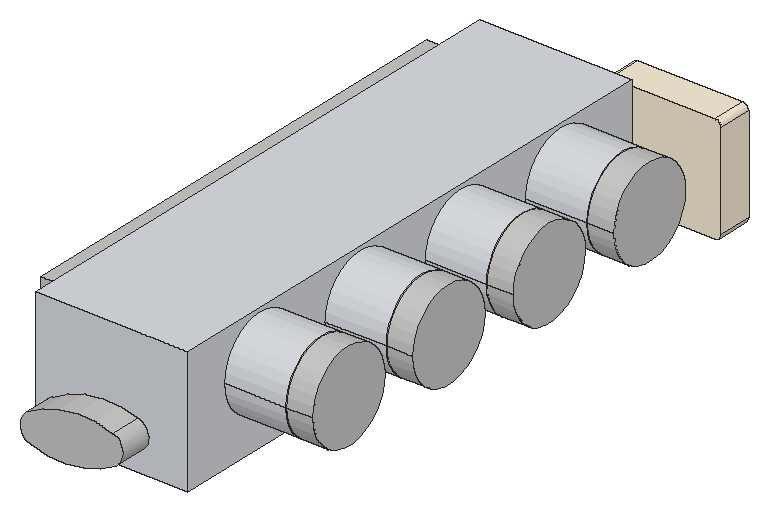
Revit family "HVAC_Ductwork_Airzone_Motorized-Plenum_Toshiba_Low-Profile_4-Dampers", category Mechanical Equipment, Revit 2016
Family settings
  Part Type = Normal
  Round Connector Dimension = Use Diameter
  OmniClass Number = 23.75.70.14
  OmniClass Title = Air Ductwork
  Work Plane-Based = No
  Always vertical = Yes
  Cut with Voids When Loaded = No
  Shared = No
  Room Calculation Point = No
Parameters (values of type "TOSSL01M4")
  Voltage = 230 V
  URL = "www.airzone.es"
  Type Image Comments = "Image available in product documentation download"  # constant formula
  Revit Model Version = "1.0"  # constant formula
  Revit Model Author URL = "www.a3d.es"
  Revit Model Author = "A3D Consulting"  # constant formula
  Product Documentation Download URL = "http://doc.airzone.es/BIM/Easyzone/Toshiba-Airzone_motorized_plenum.zip"
  Product Comments = "Refer to technical documentation for further details"  # constant formula
  Power Factor = 1
  Neck Width = 808.200 mm
  Neck Length = 40.000 mm
  Neck Height = 174.800 mm
  Material = Metal - AIRZONE - Galvanized Sheet - Semi-polished
  Main Control Board Material = Plastic - AIRZONE - Smooth - Off-white
  Load Classification = Other
  Insulated Body Width = 255.000 mm  # constant formula
  Insulated Body Material = Metal -AIRZONE - Insulating Lining -Aluminum Finish
  Insulated Body Length = 930.000 mm  # constant formula
  Insulated Body Height = 210.000 mm  # constant formula
  Flow [instance] = Damper 4 Air Flow + Damper 3 Air Flow + Damper 2 Air Flow + Damper 1 Air Flow - Fresh Air Inlet 2 Flow - Fresh Air Inlet 1 Flow  # 1200 m³/h
  Fresh Air Inlet 1 Flow [instance] = 0 m³/h
  Fresh Air Inlet 2 Flow [instance] = 0 m³/h
  Fresh Air Inlet Connection Width = 175.000 mm
  Fresh Air Inlet Connection Height = 75.000 mm
  Model = "TOSSL01M4"
  Neck Side Offset = 60.900 mm
  Neck Bottom Offset = 17.600 mm
  Type Image = <None>
  Manufacturer = "AIRZONE"  # constant formula
  Main Control Board Depth = 57.000 mm  # constant formula
  Main Control Board Width = 195.000 mm  # constant formula
  Main Control Board Height = 180.000 mm  # constant formula
  Fixing = ""
  Disclaimer = "All information provided in this model is reviewed before being published. However, Airzone cannot guarantee this model is error-free, therefore users are strongly encouraged to check for technical documentation and updates"  # constant formula
  Description = "Airzone low profile motorized plenum with neck that mechanically adapts to the main ducted AC units of Toshiba."
  Type Comments = ""
  Dampers Length = 149.000 mm  # constant formula
  Dampers Diameter = 150.000 mm  # constant formula
  Damper 4 Air Flow [instance] = 300 m³/h
  Damper 1 Air Flow [instance] = 300 m³/h
  Damper 2 Air Flow [instance] = 300 m³/h
  Damper 3 Air Flow [instance] = 300 m³/h
  Fresh Air Inlet Connection Offset Height = 48.305 mm  # constant formula
  Compatible Accesories = ""
  Apparent Load = 57.5 VA
Reference planes
  plane 1 "Center (Front/Back)": y = 0
  plane 2 "Center (Elevation)": z = 0
  plane 3 "Center (Left/Right)": x = 0
  plane 4 "Neck Back": y = 404.1
  plane 5 "Neck Front": y = -404.1
  plane 6 "Neck Top": z = 87.4
  plane 7 "Neck Bottom": z = -87.4
  plane 8 "Left": x = 40
  plane 9 "Bottom": z = -105
  plane 10 "Top": z = 105
  plane 11 "Front": y = -465
  plane 12 "Back": y = 465
  plane 13 "Right": x = 295
  plane 14 "Dampers Front": x = 444
  plane 15 "Dampers Center (Elevation)": z = 25
  plane 16 "Damper3": y = -105
  plane 17 "Damper2": y = 105
  plane 18 "Damper1": y = 315
  plane 19 "Middle": y = 0
  plane 20 "FreshAir Center (Elevation)": z = -56.695
  plane 21 "FreshAir1": y = 517.5
  plane 22 "FreshAir2": y = -517.5
  plane 23 "Dampers Lining": x = 399
  plane 24 "FreshAir Vertical Axis": x = 142.04
  plane 25 "ConnectionBox Side": x = 249
  plane 26 "Main Control Board Center (Left/Right)": x = 346.5
  plane 27 "Damper4": y = -315
Forms (mm)
  Extrusion 1, solid, material "Metal - AIRZONE - Galvanized Sheet - Semi-polished" <- "Material"
    sketch origin (0, 0, 0) x (0, 1, 0) y (0, 0, 1)
      loop
        line (-404.1, 87.4) -> (-404.1, -87.4) -> (404.1, -87.4) -> (404.1, 87.4) -> (-404.1, 87.4)
    from 0 to 40
  Extrusion 2, solid, material "Metal -AIRZONE - Insulating Lining -Aluminum Finish" <- "Insulated Body Material"
    sketch origin (40, 0, 0) x (0, 1, 0) y (0, 0, 1)
      loop
        line (-465, 105) -> (-465, -105) -> (465, -105) -> (465, 105) -> (-465, 105)
    from 0 to 255
  Extrusion 3, solid, material "Metal - AIRZONE - Galvanized Sheet - Semi-polished" <- "Material"
    sketch origin (295, 0, 0) x (0, 1, 0) y (0, 0, 1)
      loop
        circle (-105, 25) r 75
    from 104 to 149
  Extrusion 4, solid, material "Metal - AIRZONE - Galvanized Sheet - Semi-polished" <- "Material"
    sketch origin (295, 0, 0) x (0, 1, 0) y (0, 0, 1)
      loop
        circle (105, 25) r 75
    from 104 to 149
  Extrusion 5, solid, material "Metal - AIRZONE - Galvanized Sheet - Semi-polished" <- "Material"
    sketch origin (295, 0, 0) x (0, 1, 0) y (0, 0, 1)
      loop
        circle (315, 25) r 75
    from 104 to 149
  Extrusion 6, solid, material "Metal - AIRZONE - Galvanized Sheet - Semi-polished" <- "Material"
    sketch origin (0, -465, 0) x (0, 0, 1) y (1, 0, 0)
      loop
        arc (-24.141, 211.414) -> (-45.608, 228.315) -> (-70.312, 216.644) r 25.96
        arc (-70.312, 216.644) -> (-96.302, 146.808) -> (-88.849, 72.666) r 164.67
        arc (-88.849, 72.666) -> (-67.665, 55.799) -> (-42.994, 66.961) r 25.96
        arc (-42.994, 66.961) -> (-16.725, 136.99) -> (-24.141, 211.414) r 164.67
    from 0 to -52.5
  Extrusion 7, solid, material "Metal - AIRZONE - Galvanized Sheet - Semi-polished" <- "Material"
    sketch origin (0, 465, 0) x (0, 0, 1) y (1, 0, 0)
      loop
        arc (-24.141, 211.414) -> (-45.325, 228.281) -> (-69.996, 217.119) r 25.96
        arc (-69.996, 217.119) -> (-96.179, 147.74) -> (-89.267, 73.909) r 164.67
        arc (-89.267, 73.909) -> (-68.032, 55.847) -> (-42.678, 67.436) r 25.96
        arc (-42.678, 67.436) -> (-16.688, 137.272) -> (-24.141, 211.414) r 164.67
    from 0 to 52.5
  Extrusion 8, solid, material "Metal -AIRZONE - Insulating Lining -Aluminum Finish" <- "Insulated Body Material"
    sketch origin (295, 0, 0) x (0, 1, 0) y (0, 0, 1)
      loop
        circle (315, 25) r 75
    from 0 to 104
  Extrusion 9, solid, material "Metal -AIRZONE - Insulating Lining -Aluminum Finish" <- "Insulated Body Material"
    sketch origin (295, -260, 0) x (0, 1, 0) y (0, 0, 1)
      loop
        circle (365, 25) r 75
    from 0 to 104
  Extrusion 10, solid, material "Metal -AIRZONE - Insulating Lining -Aluminum Finish" <- "Insulated Body Material"
    sketch origin (295, -520, 0) x (0, 1, 0) y (0, 0, 1)
      loop
        circle (415, 25) r 75
    from 0 to 104
  Extrusion 11, solid, material "Metal - AIRZONE - Galvanized Sheet - Semi-polished" <- "Material"
    sketch origin (295, -190, 0) x (0, 1, 0) y (0, 0, 1)
      loop
        circle (-125, 25) r 75
    from 104 to 149
  Extrusion 12, solid, material "Metal -AIRZONE - Insulating Lining -Aluminum Finish" <- "Insulated Body Material"
    sketch origin (295, -710, 0) x (0, 1, 0) y (0, 0, 1)
      loop
        circle (395, 25) r 75
    from 0 to 104
Lines and regions (mm)
  Masking region 1
    outline origin (0, 0, 0) x (1, 0, 0) y (0, 1, 0)
      loop
        line (40, 465) -> (40, -465) -> (295, -465) -> (295, 465) -> (40, 465)
  Masking region 2, detail levels medium+fine
    outline origin (0, 0, 0) x (1, 0, 0) y (0, 1, 0)
      loop
        line (0, 404.1) -> (0, -404.1) -> (40, -404.1) -> (40, 404.1) -> (0, 404.1)
  Masking region 3, detail levels medium+fine
    outline origin (0, 0, 0) x (1, 0, 0) y (0, 1, 0)
      loop
        line (295, -30) -> (295, -180) -> (444, -180) -> (444, -30) -> (295, -30)
  Masking region 4, detail levels medium+fine
    outline origin (0, 260, 0) x (1, 0, 0) y (0, 1, 0)
      loop
        line (295, -80) -> (295, -230) -> (444, -230) -> (444, -80) -> (295, -80)
  Masking region 5, detail levels medium+fine
    outline origin (0, 520, 0) x (1, 0, 0) y (0, 1, 0)
      loop
        line (295, -130) -> (295, -280) -> (444, -280) -> (444, -130) -> (295, -130)
  Masking region 6, detail levels medium+fine
    outline origin (0, 0, -56.695) x (1, 0, 0) y (0, 1, 0)
      loop
        line (54.54, 517.5) -> (54.54, 465) -> (229.54, 465) -> (229.54, 517.5) -> (54.54, 517.5)
  Masking region 7, detail levels medium+fine
    outline origin (0, 0, -56.695) x (1, 0, 0) y (0, 1, 0)
      loop
        line (54.54, -465) -> (54.54, -517.5) -> (229.54, -517.5) -> (229.54, -465) -> (54.54, -465)
  Masking region 8, detail levels medium+fine
    outline origin (0, 0, 105) x (0, -1, 0) y (1, 0, 0)
      loop
        line (-522, 249) -> (-465, 249) -> (-465, 444) -> (-522, 444) -> (-522, 249)
  Masking region 9, detail levels medium+fine
    outline origin (0, -190, 0) x (1, 0, 0) y (0, 1, 0)
      loop
        line (295, -50) -> (295, -200) -> (444, -200) -> (444, -50) -> (295, -50)
  symbolic lines, detail levels coarse
    curve 1: line (40, -465, 0) -> (295, 0, 0)
    curve 2: line (295, 0, 0) -> (40, 465, 0)
Dimensions and locks
  equal spacing: plane 4 "Neck Back", plane 1 "Center (Front/Back)", plane 5 "Neck Front"
  "Neck Width": plane 4 "Neck Back" to plane 5 "Neck Front"
  equal spacing: plane 6 "Neck Top", level, plane 7 "Neck Bottom"
  "Neck Height": plane 6 "Neck Top" to plane 7 "Neck Bottom"
  "Neck Length": plane 3 "Center (Left/Right)" to plane 8 "Left"
  "Neck Bottom Offset": plane 7 "Neck Bottom" to plane 9 "Bottom"
  "Insulated Body Height": plane 10 "Top" to plane 9 "Bottom"
  "Insulated Body Length": plane 12 "Back" to plane 11 "Front"
  "Insulated Body Width": plane 8 "Left" to plane 13 "Right"
  "Dampers Length": plane 13 "Right" to plane 14 "Dampers Front"
  equal spacing: plane 12 "Back", plane 19 "Middle", plane 11 "Front"
  plane 8 "Left" to plane 13 "Right" = 255.000 mm
  "Fresh Air Inlet Connection Offset Height": plane 20 "FreshAir Center (Elevation)" to plane 9 "Bottom"
  locked: Extrusion 6 sketch curve to plane 9 "Bottom" at 56.47
  locked: Extrusion 6 sketch curve to plane 8 "Left" at 162.52
  locked: Extrusion 6 sketch curve to plane 8 "Left" at 41.56
  locked: Extrusion 6 sketch curve to plane 9 "Bottom" at 40.54
  locked: Extrusion 6 sketch curve to plane 8 "Left" at 118.3
  locked: plane 9 "Bottom" to Extrusion 6 sketch curve at 75.01
  locked: Extrusion 6 sketch curve to plane 8 "Left" at 85.78
  locked: Extrusion 6 sketch curve to plane 9 "Bottom" at 172.02
  locked: Extrusion 7 sketch curve to plane 8 "Left" at 162.52
  locked: Extrusion 7 sketch curve to plane 9 "Bottom" at 56.47
  locked: Extrusion 7 sketch curve to plane 9 "Bottom" at 40.54
  locked: Extrusion 7 sketch curve to plane 8 "Left" at 41.56
  locked: Extrusion 7 sketch curve to plane 8 "Left" at 85.78
  locked: Extrusion 7 sketch curve to plane 9 "Bottom" at 172.02
  locked: plane 9 "Bottom" to Extrusion 7 sketch curve at 75.01
  locked: Extrusion 7 sketch curve to plane 8 "Left" at 118.3
  "Neck Side Offset": plane 12 "Back" to plane 4 "Neck Back"
  locked: plane 21 "FreshAir1" to plane 12 "Back" at 52.5
  plane 11 "Front" to plane 22 "FreshAir2" = 52.500 mm
  locked: plane 20 "FreshAir Center (Elevation)" to connector elem
  locked: connector elem to plane 20 "FreshAir Center (Elevation)"
  locked: plane 23 "Dampers Lining" to plane 14 "Dampers Front" at 45
  locked: plane 8 "Left" to plane 24 "FreshAir Vertical Axis" at 102.04
  equal spacing: Masking region 3 sketch curve, plane 16 "Damper3", Masking region 3 sketch curve
  "Dampers Diameter": Masking region 3 sketch curve to Masking region 3 sketch curve
  "Dampers Diameter": Masking region 4 sketch curve to Masking region 4 sketch curve
  equal spacing: Masking region 5 sketch curve, plane 18 "Damper1", Masking region 5 sketch curve
  "Dampers Diameter": Masking region 5 sketch curve to Masking region 5 sketch curve
  equal spacing: Masking region 6 sketch curve, plane 24 "FreshAir Vertical Axis", Masking region 6 sketch curve
  "Fresh Air Inlet Connection Width": Masking region 6 sketch curve to Masking region 6 sketch curve
  equal spacing: Masking region 7 sketch curve, plane 24 "FreshAir Vertical Axis", Masking region 7 sketch curve
  "Fresh Air Inlet Connection Width": Masking region 7 sketch curve to Masking region 7 sketch curve
  "Main Control Board Depth": Masking region 8 sketch curve to plane 12 "Back"
  "Main Control Board Width": plane 25 "ConnectionBox Side" to plane 14 "Dampers Front"
  equal spacing: plane 25 "ConnectionBox Side", plane 26 "Main Control Board Center (Left/Right)", plane 14 "Dampers Front"
  locked: nested 1 to plane 10 "Top" at 10
  equal spacing: Masking region 4 sketch curve, plane 17 "Damper2", Masking region 4 sketch curve
  equal spacing: Masking region 9 sketch curve, plane 27 "Damper4", Masking region 9 sketch curve
  "Dampers Diameter": Masking region 9 sketch curve to Masking region 9 sketch curve
  plane 18 "Damper1" to plane 17 "Damper2" to plane 16 "Damper3" to plane 27 "Damper4" = 210.000 mm locked, 210.000 mm locked, 210.000 mm locked
  locked: plane 17 "Damper2" to plane 19 "Middle" at 105
  locked: plane 24 "FreshAir Vertical Axis" to connector elem
  locked: connector elem to plane 24 "FreshAir Vertical Axis"
  locked: plane 10 "Top" to plane 15 "Dampers Center (Elevation)" at 80
  "Dampers Diameter": diameter of Extrusion 3 sketch curve
  "Dampers Diameter": diameter of Extrusion 4 sketch curve
  "Dampers Diameter": diameter of Extrusion 5 sketch curve
  radius of Extrusion 7 sketch curve = 164.670 mm  (x2)
  radius of Extrusion 7 sketch curve = 25.960 mm  (x2)
  radius of Extrusion 6 sketch curve = 164.670 mm  (x2)
  radius of Extrusion 6 sketch curve = 25.960 mm  (x2)
  "Dampers Diameter": diameter of Extrusion 8 sketch curve
  "Dampers Diameter": diameter of Extrusion 9 sketch curve
  "Dampers Diameter": diameter of Extrusion 10 sketch curve
  "Dampers Diameter": diameter of Extrusion 11 sketch curve
  "Dampers Diameter": diameter of Extrusion 12 sketch curve
  aligned and locked: level to plane 2 "Center (Elevation)"
  aligned and locked: plane 5 "Neck Front" to Extrusion 1 sketch curve
  aligned and locked: Extrusion 1 sketch curve to plane 6 "Neck Top"
  aligned and locked: Extrusion 1 sketch curve to plane 4 "Neck Back"
  aligned and locked: plane 7 "Neck Bottom" to Extrusion 1 sketch curve
  aligned and locked: Extrusion 1 to plane 3 "Center (Left/Right)"
  aligned and locked: Extrusion 2 sketch curve to plane 10 "Top"
  aligned and locked: Extrusion 2 sketch curve to plane 12 "Back"
  aligned and locked: plane 9 "Bottom" to Extrusion 2 sketch curve
  aligned and locked: plane 11 "Front" to Extrusion 2 sketch curve
  aligned and locked: plane 13 "Right" to Extrusion 2
  aligned and locked: Extrusion 2 to plane 8 "Left"
  aligned and locked: plane 16 "Damper3" to Extrusion 3 sketch curve
  aligned and locked: plane 15 "Dampers Center (Elevation)" to Extrusion 3 sketch curve
  aligned and locked: plane 15 "Dampers Center (Elevation)" to Extrusion 4 sketch curve
  aligned and locked: plane 18 "Damper1" to Extrusion 5 sketch curve
  aligned and locked: plane 15 "Dampers Center (Elevation)" to Extrusion 5 sketch curve
  aligned and locked: plane 14 "Dampers Front" to Extrusion 5
  aligned and locked: plane 14 "Dampers Front" to Extrusion 4
  aligned and locked: plane 14 "Dampers Front" to Extrusion 3
  aligned and locked: plane 8 "Left" to Extrusion 1
  aligned and locked: plane 22 "FreshAir2" to Extrusion 6
  aligned and locked: plane 21 "FreshAir1" to Extrusion 7
  aligned and locked: Extrusion 7 to plane 12 "Back"
  aligned and locked: plane 11 "Front" to Extrusion 6
  aligned and locked: Extrusion 5 to plane 23 "Dampers Lining"
  aligned and locked: Extrusion 5 to Extrusion 4
  aligned and locked: Extrusion 4 to Extrusion 3
  aligned and locked: plane 23 "Dampers Lining" to Extrusion 8
  aligned and locked: Extrusion 10 to plane 13 "Right"
  aligned and locked: plane 23 "Dampers Lining" to Extrusion 10
  aligned and locked: Extrusion 9 to plane 13 "Right"
  aligned and locked: plane 23 "Dampers Lining" to Extrusion 9
  aligned and locked: Extrusion 8 to plane 13 "Right"
  aligned and locked: Extrusion 9 to Extrusion 8
  aligned and locked: plane 18 "Damper1" to Extrusion 8 sketch curve
  aligned and locked: plane 15 "Dampers Center (Elevation)" to Extrusion 8 sketch curve
  aligned and locked: plane 15 "Dampers Center (Elevation)" to Extrusion 9 sketch curve
  aligned and locked: plane 16 "Damper3" to Extrusion 10 sketch curve
  aligned and locked: plane 15 "Dampers Center (Elevation)" to Extrusion 10 sketch curve
  aligned and locked: Masking region 1 sketch curve to plane 12 "Back"
  aligned and locked: plane 8 "Left" to Masking region 1 sketch curve
  aligned and locked: Masking region 1 sketch curve to plane 13 "Right"
  aligned and locked: plane 11 "Front" to Masking region 1 sketch curve
  aligned and locked: plane 5 "Neck Front" to Masking region 2 sketch curve
  aligned and locked: plane 3 "Center (Left/Right)" to Masking region 2 sketch curve
  aligned and locked: Masking region 2 sketch curve to plane 4 "Neck Back"
  aligned and locked: Masking region 2 sketch curve to plane 8 "Left"
  aligned and locked: plane 13 "Right" to Masking region 3 sketch curve
  aligned and locked: Masking region 3 sketch curve to plane 14 "Dampers Front"
  aligned and locked: plane 13 "Right" to Masking region 4 sketch curve
  aligned and locked: Masking region 4 sketch curve to plane 14 "Dampers Front"
  aligned and locked: plane 13 "Right" to Masking region 5 sketch curve
  aligned and locked: Masking region 5 sketch curve to plane 14 "Dampers Front"
  aligned and locked: plane 12 "Back" to Masking region 6 sketch curve
  aligned and locked: Masking region 6 sketch curve to plane 21 "FreshAir1"
  aligned and locked: Masking region 7 sketch curve to plane 11 "Front"
  aligned and locked: Masking region 7 sketch curve to plane 22 "FreshAir2"
  aligned and locked: plane 12 "Back" to Masking region 8 sketch curve
  aligned and locked: Masking region 8 sketch curve to plane 14 "Dampers Front"
  aligned and locked: plane 25 "ConnectionBox Side" to Masking region 8 sketch curve
  aligned and locked: plane 17 "Damper2" to Extrusion 9 sketch curve
  aligned and locked: plane 17 "Damper2" to Extrusion 4 sketch curve
  aligned and locked: Masking region 9 sketch curve to plane 14 "Dampers Front"
  aligned and locked: plane 13 "Right" to Masking region 9 sketch curve
  aligned and locked: Extrusion 12 to plane 13 "Right"
  aligned and locked: plane 23 "Dampers Lining" to Extrusion 12
  aligned and locked: Extrusion 11 to plane 23 "Dampers Lining"
  aligned and locked: plane 14 "Dampers Front" to Extrusion 11
  aligned and locked: plane 15 "Dampers Center (Elevation)" to Extrusion 12 sketch curve
  aligned and locked: plane 27 "Damper4" to Extrusion 12 sketch curve
  aligned and locked: plane 15 "Dampers Center (Elevation)" to Extrusion 11 sketch curve
  aligned and locked: plane 27 "Damper4" to Extrusion 11 sketch curve
  aligned and locked: nested 1 to plane 26 "Main Control Board Center (Left/Right)"
Automatic sketch dimensions
  curve 2 to plane 8 "Left" = 0.000 mm
  curve 1 to plane 8 "Left" = 0.000 mm
  curve 2 to plane 13 "Right" = 0.000 mm
  curve 1 to plane 11 "Front" = 0.000 mm
  curve 2 to plane 19 "Middle" = 0.000 mm
  curve 2 to plane 12 "Back" = 0.000 mm
Nested families
  nested 1: "Airzone_Main-Control-Board" at (346.5, 465, 5) x (-1, 0, 0) z (0, 1, 0), Extrusion <- "Main Control Board Depth", Height <- "Main Control Board Height", Width <- "Main Control Board Width", Material <- "Main Control Board Material", type "Standard"
    with Width 195.000 mm, Material Plastic - AIRZONE - Smooth - Off-white, Height 180.000 mm, Extrusion 57.000 mm
Connectors
  hvac at (444, -105, 25), driven by "Damper 3 Air Flow", driven by "Dampers Diameter"
    settings: on Extrusion 3, index 1, duct flow 300 m³/h, flow factor 0, pres drop 0.0 Pa, loss coef 0, conn angle 0.00°, conn width 304.8 mm, conn height 304.8 mm, conn diameter 150 mm, duct sys type 1, conn prof type 0, flow config 0, flow direction 2, loss method 0, conn ref index -1, conn util no, is conn primary no, conn desc "Supply Air Out 3"
  hvac at (444, 105, 25), driven by "Damper 2 Air Flow", driven by "Dampers Diameter"
    settings: on Extrusion 4, index 2, duct flow 300 m³/h, flow factor 0, pres drop 0.0 Pa, loss coef 0, conn angle 0.00°, conn width 304.8 mm, conn height 304.8 mm, conn diameter 150 mm, duct sys type 1, conn prof type 0, flow config 0, flow direction 2, loss method 0, conn ref index -1, conn util no, is conn primary no, conn desc "Supply Air Out 2"
  hvac at (444, 315, 25), driven by "Damper 1 Air Flow", driven by "Dampers Diameter"
    settings: on Extrusion 5, index 3, duct flow 300 m³/h, flow factor 0, pres drop 0.0 Pa, loss coef 0, conn angle 0.00°, conn width 304.8 mm, conn height 304.8 mm, conn diameter 150 mm, duct sys type 1, conn prof type 0, flow config 0, flow direction 2, loss method 0, conn ref index -1, conn util no, is conn primary no, conn desc "Supply Air Out 1"
  hvac at (0, 0, 0), driven by "Flow", driven by "Neck Height", driven by "Neck Width"
    settings: on Extrusion 1, index 6, duct flow 1200 m³/h, flow factor 0, pres drop 0.0 Pa, loss coef 0, conn angle 0.00°, conn width 808.2 mm, conn height 174.8 mm, conn diameter 609.6 mm, duct sys type 1, conn prof type 1, flow config 1, flow direction 1, loss method 0, conn ref index -1, conn util no, is conn primary yes, conn desc "Supply Air In"
  hvac at (142.04, -517.5, -56.695), driven by "Fresh Air Inlet 2 Flow", driven by "Fresh Air Inlet Connection Width", driven by "Fresh Air Inlet Connection Height"
    settings: index 7, duct flow 0 m³/h, flow factor 0, pres drop 0.0 Pa, loss coef 0, conn angle 0.00°, conn width 175 mm, conn height 75 mm, conn diameter 609.6 mm, duct sys type 1, conn prof type 2, flow config 1, flow direction 1, loss method 0, conn ref index -1, conn util no, is conn primary no, conn desc "Fresh Air In 2"
  hvac at (142.04, 517.5, -56.695), driven by "Fresh Air Inlet 1 Flow", driven by "Fresh Air Inlet Connection Height", driven by "Fresh Air Inlet Connection Width"
    settings: index 8, duct flow 0 m³/h, flow factor 0, pres drop 0.0 Pa, loss coef 0, conn angle 0.00°, conn width 175 mm, conn height 75 mm, conn diameter 609.6 mm, duct sys type 1, conn prof type 2, flow config 1, flow direction 1, loss method 0, conn ref index -1, conn util no, is conn primary no, conn desc "Fresh Air In 1"
  hvac at (444, -315, 25), driven by "Damper 4 Air Flow", driven by "Dampers Diameter"
    settings: on Extrusion 11, index 9, duct flow 300 m³/h, flow factor 0, pres drop 0.0 Pa, loss coef 0, conn angle 0.00°, conn width 304.8 mm, conn height 304.8 mm, conn diameter 150 mm, duct sys type 1, conn prof type 0, flow config 0, flow direction 2, loss method 0, conn ref index -1, conn util no, is conn primary no, conn desc "Supply Air Out 4"
  electrical at (346.5, 522, 5), driven by "Load Classification", driven by "Voltage", driven by "Apparent Load", driven by "Power Factor"
    settings: on nested 1, index 10, voltage 230 V, apparent load 57.5 VA, apparent load phase1 0 VA, apparent load phase2 0 VA, apparent load phase3 0 VA, power factor 1, load classification "Other", number of poles 1, system type 30, power factor state 1, is connector primary yes, connector utility no, sub classification motor no, connector description "Power Supply"
Definition of nested family "Airzone_Main-Control-Board"
  Parameters (values of type "Standard")
    Width [instance] = 195.000 mm
    URL = "www.airzone.es"
    Revit Model Version = "1.0"  # constant formula
    Revit Model Author URL = "www.a3d.es"
    Revit Model Author = "A3D Consulting"  # constant formula
    Material [instance] = none
    Manufacturer = "AIRZONE"  # constant formula
    Height [instance] = 180.000 mm
    Extrusion [instance] = 57.000 mm
    Default Elevation = 0.000 mm
  Reference planes
    plane 1 "Center (Front/Back)": y = 0
    plane 2: z = 0
    plane 3 "Center (Left/Right)": x = 0
    plane 4: y = 90
    plane 5: y = -90
    plane 6: x = 97.5
    plane 7: x = -97.5
  Forms (mm)
    Extrusion 1, solid, material <- "Material"
      sketch origin (0, 0, 0) x (1, 0, 0) y (0, 1, 0)
        loop
          arc (-87.5, 90) -> (-94.571, 87.071) -> (-97.5, 80) r 10
          line (-97.5, 80) -> (-97.5, -80)
          arc (-97.5, -80) -> (-94.571, -87.071) -> (-87.5, -90) r 10
          line (-87.5, -90) -> (87.5, -90)
          arc (87.5, -90) -> (94.571, -87.071) -> (97.5, -80) r 10
          line (97.5, -80) -> (97.5, 80)
          arc (97.5, 80) -> (94.571, 87.071) -> (87.5, 90) r 10
          line (87.5, 90) -> (-87.5, 90)
      from 0 to 57 <- "Extrusion"
  Dimensions and locks
    equal spacing: plane 7, plane 3 "Center (Left/Right)", plane 6
    equal spacing: plane 4, plane 1 "Center (Front/Back)", plane 5
    "Width": plane 7 to plane 6
    "Height": plane 4 to plane 5
    radius of Extrusion 1 sketch curve = 10.000 mm  (x4)
    aligned and locked: level to plane 2
    aligned and locked: plane 5 to Extrusion 1 sketch curve
    aligned and locked: Extrusion 1 sketch curve to plane 6
    aligned and locked: Extrusion 1 sketch curve to plane 4
    aligned and locked: plane 7 to Extrusion 1 sketch curve
